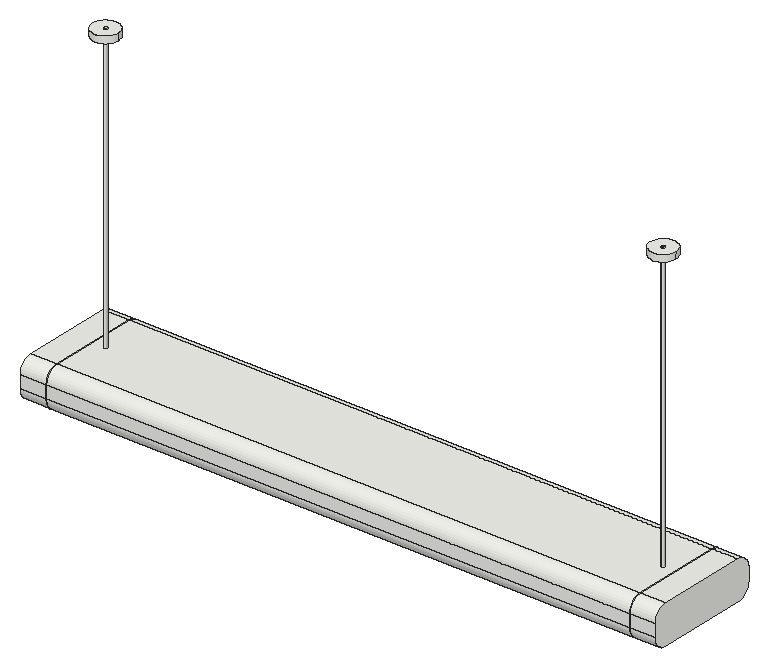
Revit family
Parameters (values of type "1200mm")
  Wattage = 64 W
  built-in parameter 1150110 = 1 (stored number, unit not read)
  built-in parameter 1114217 = 1 (stored number, unit not read)
  built-in parameter 1150109 = 1 (stored number, unit not read)
  built-in parameter 1150134 = 8
  built-in parameter 1150113 = 1 (stored number, unit not read)
  built-in parameter 1150115 = 1 (stored number, unit not read)
  built-in parameter 1150105 = 1909.9 (stored number, unit not read)
  Light Source Symbol Size = 609.6 mm
  built-in parameter 1150137 = (empty or 0)
  built-in parameter 1150139 = (empty or 0)
  built-in parameter 1150112 = 1 (stored number, unit not read)
  built-in parameter 1150114 = 1 (stored number, unit not read)
  Lamp = "T-12"
  built-in parameter 1150132 = (empty or 0)
  built-in parameter 1150102 = (empty or 0)
  built-in parameter 1150138 = (empty or 0)
  built-in parameter 1150107 = 4230 (stored number, unit not read)
  built-in parameter 1150106 = 19.099 (stored number, unit not read)
  Emit from Rectangle Width = 229 mm  # constant formula
  Emit from Rectangle Length = 길이  # 1250 mm
  Emit Shape Visible in Rendering = no
  built-in parameter 1150104 = 8.7097 (stored number, unit not read)
  Dimming Lamp Color Temperature Shift = (empty or 0)
  Color Filter = 16777215
  천장 장착 = 금속 - 페인트 마감 - 아이보리색, 광택
  디퓨저 = 유리 - 흰색, 높은 휘도
  길이 = 1250 mm
  조명 케이싱 = 금속 - 페인트 마감 - 아이보리색, 광택
  조명 설비 높이 = 1800 mm
  Lumens = 6000 lm
  built-in parameter 1114218 = 1 (stored number, unit not read)
  built-in parameter 1150133 = 10 (stored number, unit not read)
Types (3, lengths in mm): name | Wattage | built-in parameter 1150105 | built-in parameter 1150106 | Emit from Rectangle Length | built-in parameter 1150104 | 길이 | Lumens
  (no name) | 64 W | 1909.9 (stored number, unit not read) | 19.099 (stored number, unit not read) | 1250 | 8.7097 (stored number, unit not read) | 1250 | 6000 lm
  1200mm | 64 W | 1909.9 (stored number, unit not read) | 19.099 (stored number, unit not read) | 1250 | 8.7097 (stored number, unit not read) | 1250 | 6000 lm
  2400mm | 150 W | 4010.7 (stored number, unit not read) | 40.107 (stored number, unit not read) | 2400 | 7.8039 (stored number, unit not read) | 2400 | 12600 lm
Reference planes
  plane 1 "광원 축": y = 0
  plane 2 "천장": z = 2438.4
  plane 3 "광원 축": x = 0
  plane 4 "광원 입면도": z = 1812.7
  plane 5: x = -625
  plane 6: x = 625
  plane 7: x = -548.8
  plane 8: x = 548.8
  plane 9: x = -548.888
  plane 10: x = 548.8
  plane 11: z = 2425.7
  plane 12: z = 1800
  plane 13: z = 1838
Forms (mm)
  Sweep 1, solid, material "금속 - 페인트 마감 - 아이보리색, 광택" <- "조명 케이싱"
    path origin (0, 0, 1812.7) x (0, -1, 0) y (1, 0, 0)
      loop
        line (0, -574.2) -> (0, 574.2)
    profile origin (0, 0, 1812.7) x (0, 1, 0) y (0, 0, 1)
      loop
        line (88.9, 63.5) -> (-88.9, 63.5)
        arc (-88.9, 63.5) -> (-106.861, 56.061) -> (-114.3, 38.1) r 25.4
        line (-114.3, 38.1) -> (-114.3, 12.7)
        arc (-114.3, 12.7) -> (-106.861, -5.261) -> (-88.9, -12.7) r 25.4
        line (-88.9, -12.7) -> (-63.5, -12.7) -> (-63.5, 12.7) -> (63.5, 12.7) -> (63.5, -12.7) -> (88.9, -12.7)
        arc (88.9, -12.7) -> (106.861, -5.261) -> (114.3, 12.7) r 25.4
        line (114.3, 12.7) -> (114.3, 38.1)
        arc (114.3, 38.1) -> (106.861, 56.061) -> (88.9, 63.5) r 25.4
  Extrusion 2, solid, material "금속 - 페인트 마감 - 아이보리색, 광택" <- "천장 장착"
    sketch origin (0, 0, 1812.7) x (0, -1, 0) y (1, 0, 0)
      loop
        circle (0, -548.8) r 3.175
      loop
        circle (0, 548.8) r 3.175
    from 63.5 to 625.7
  Extrusion 3, solid, material "금속 - 페인트 마감 - 아이보리색, 광택" <- "천장 장착"
    sketch origin (0, 0, 0) x (1, 0, 0) y (0, 1, 0)
      loop
        circle (-548.888, 0) r 25.4
      loop
        circle (548.8, 0) r 25.4
    from 2425.7 to 2438.4
  Extrusion 4, solid, material "유리 - 흰색, 높은 휘도" <- "디퓨저"
    sketch origin (0, 0, 0) x (1, 0, 0) y (0, 1, 0)
      loop
        line (-574.2, 63.5) -> (-574.2, -63.5) -> (574.2, -63.5) -> (574.2, 63.5) -> (-574.2, 63.5)
    from 1800 to 1812.7
  Extrusion 5, solid, material "금속 - 페인트 마감 - 아이보리색, 광택" <- "조명 케이싱"
    sketch origin (-574.2, 0, 1690.721) x (0, 0, 1) y (0, 1, 0)
      loop
        arc (185.479, 88.9) -> (178.039, 106.861) -> (160.079, 114.3) r 25.4
        line (160.079, 114.3) -> (134.679, 114.3)
        arc (134.679, 114.3) -> (116.718, 106.861) -> (109.279, 88.9) r 25.4
        line (109.279, 88.9) -> (109.279, -88.9)
        arc (109.279, -88.9) -> (116.718, -106.861) -> (134.679, -114.3) r 25.4
        line (134.679, -114.3) -> (160.079, -114.3)
        arc (160.079, -114.3) -> (178.039, -106.861) -> (185.479, -88.9) r 25.4
        line (185.479, -88.9) -> (185.479, 88.9)
    from 0 to 50.8
  Extrusion 6, solid, material "금속 - 페인트 마감 - 아이보리색, 광택" <- "조명 케이싱"
    sketch origin (574.2, 0, 1690.721) x (0, 1, 0) y (0, 0, 1)
      loop
        arc (-88.9, 185.479) -> (-106.861, 178.039) -> (-114.3, 160.079) r 25.4
        line (-114.3, 160.079) -> (-114.3, 134.679)
        arc (-114.3, 134.679) -> (-106.861, 116.718) -> (-88.9, 109.279) r 25.4
        line (-88.9, 109.279) -> (88.9, 109.279)
        arc (88.9, 109.279) -> (106.861, 116.718) -> (114.3, 134.679) r 25.4
        line (114.3, 134.679) -> (114.3, 160.079)
        arc (114.3, 160.079) -> (106.861, 178.039) -> (88.9, 185.479) r 25.4
        line (88.9, 185.479) -> (-88.9, 185.479)
    from 0 to 50.8
Lines and regions (mm)
  sketch lines
    curve 1: line (-1524, 1524, 0) -> (1524, 1524, 0)
    curve 2: line (-1524, 1524, 0) -> (-1524, -1524, 0)
    curve 3: line (-1524, -1524, 0) -> (1524, -1524, 0)
    curve 4: line (1524, 1524, 0) -> (1524, -1524, 0)
  symbolic lines
    curve 5: line (625, 114.3, 2438.4) -> (-625, 114.3, 2438.4)
    curve 6: line (625, -114.3, 2438.4) -> (625, 114.3, 2438.4)
    curve 7: line (-625, -114.3, 2438.4) -> (625, -114.3, 2438.4)
    curve 8: line (-625, 114.3, 2438.4) -> (-625, -114.3, 2438.4)
    curve 9: arc (-523.488, 0, 2438.4) -> (-548.888, 25.4, 2438.4) -> (-574.288, 0, 2438.4) r 25.4
    curve 10: arc (-574.288, 0, 2438.4) -> (-548.888, -25.4, 2438.4) -> (-523.488, 0, 2438.4) r 25.4
    curve 11: arc (523.4, 0, 2438.4) -> (548.8, -25.4, 2438.4) -> (574.2, 0, 2438.4) r 25.4
    curve 12: arc (574.2, 0, 2438.4) -> (548.8, 25.4, 2438.4) -> (523.4, 0, 2438.4) r 25.4
Dimensions and locks
  equal spacing: curve 2, plane 3 "광원 축", curve 4
  equal spacing: curve 3, plane 1 "광원 축", curve 1
  curve 2 to curve 4 = 3048 mm
  curve 3 to curve 1 = 3048 mm
  "길이": plane 5 to plane 6
  equal spacing: plane 5, plane 3 "광원 축", plane 6
  locked: plane 5 to plane 7 at 76.2
  locked: plane 8 to plane 6 at 76.2
  locked: plane 5 to plane 9 at 76.112
  locked: plane 10 to plane 6 at 76.2
  locked: plane 2 "천장" to plane 11 at 12.7
  "조명 설비 높이": level to plane 12
  locked: plane 12 to plane 4 "광원 입면도" at 12.7
  locked: plane 13 to plane 12 at 38
  locked: plane 13 to Extrusion 5 sketch curve at 38.2
  locked: plane 13 to Extrusion 5 sketch curve at 38
  locked: plane 13 to Extrusion 6 sketch curve at 38.2
  locked: plane 13 to Extrusion 6 sketch curve at 38
  aligned and locked: Sweep 1 sketch curve to plane 1 "광원 축"
  aligned and locked: plane 2 "천장" to Extrusion 2
  aligned and locked: Extrusion 2 to Sweep 1
  aligned and locked: plane 2 "천장" to Extrusion 3
  aligned and locked: plane 11 to Extrusion 3
  aligned and locked: Sweep 1 sketch curve to Sweep 1 sketch curve
  aligned and locked: Sweep 1 to Extrusion 4 sketch curve
  aligned and locked: Extrusion 4 sketch curve to Sweep 1  (x3)
  aligned and locked: Extrusion 5 sketch curve to Sweep 1  (x2)
  aligned and locked: plane 5 to Extrusion 5
  aligned and locked: Extrusion 6 sketch curve to Sweep 1  (x2)
  aligned and locked: Extrusion 6 to plane 6
  aligned and locked: Extrusion 4 to plane 4 "광원 입면도"
  aligned and locked: plane 5 to curve 8
  aligned and locked: curve 9 to Extrusion 3
  aligned and locked: curve 11 to Extrusion 3
  aligned and locked: plane 3 "광원 축" to imposter light
  aligned and locked: plane 1 "광원 축" to imposter light
  aligned and locked: plane 4 "광원 입면도" to imposter light
  aligned and locked: Extrusion 4 to plane 12
Automatic sketch dimensions
  Sweep 1 sketch curve to plane 5 = 50.8 mm
  plane 6 to Sweep 1 sketch curve = 50.8 mm
  Extrusion 2 sketch curve to plane 8 = 0 mm
  Extrusion 2 sketch curve to plane 7 = 0 mm
  Extrusion 2 sketch curve to plane 1 "광원 축" = 0 mm  (x2)
  Extrusion 2 sketch curve to plane 1 "광원 축" = 3.175 mm  (x2)
  Extrusion 3 sketch curve to plane 1 "광원 축" = 0 mm  (x2)
  Extrusion 3 sketch curve to plane 9 = 0 mm
  Extrusion 3 sketch curve to plane 10 = 0 mm
  Extrusion 3 sketch curve to plane 9 = 25.4 mm
  Extrusion 3 sketch curve to plane 10 = 25.4 mm
  Sweep 1 sketch curve to plane 4 "광원 입면도" = 12.7 mm  (x2)
  profile plane to Sweep 1 sketch curve = 114.3 mm
  plane 4 "광원 입면도" to Sweep 1 sketch curve = 12.7 mm
  Sweep 1 sketch curve to Sweep 1 sketch curve = 25.4 mm  (x6)
  Sweep 1 sketch curve to profile plane = 63.5 mm
  Extrusion 6 sketch curve to plane 4 "광원 입면도" = 12.7 mm
  Extrusion 6 sketch curve to Extrusion 6 sketch curve = 25.4 mm  (x3)
  Extrusion 5 sketch curve to plane 4 "광원 입면도" = 12.7 mm  (x2)
  Extrusion 5 sketch curve to Extrusion 5 sketch curve = 25.4 mm  (x2)
  curve 6 to plane 6 = 0 mm
  plane 1 "광원 축" to curve 7 = 114.3 mm
  curve 5 to plane 1 "광원 축" = 114.3 mm
